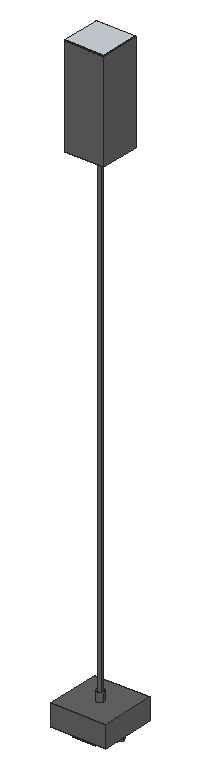
Revit family "LTC-4SQD-CM", category Lighting Fixtures, host Face, Revit 2021
Family settings
  Host = Face
  Round Connector Dimension = Use Diameter
  Part Type = Normal
  OmniClass Number = 23.80.70.11.14.11
  OmniClass Title = Downlights
  Cut with Voids When Loaded = No
  Light Source = Yes
  Shared = No
  Room Calculation Point = No
Parameters (values of type "LTC-4SQD-CMPC")
  Wattage Comments = "8-25W"
  Wattage = 100 W
  Warranty = "5 years warranty"  # constant formula
  built-in parameter 1150110 = 1 (stored number, unit not read)
  Voltage = 120 V
  built-in parameter 1114217 = 1 (stored number, unit not read)
  Tilt Angle = -90.00°  # constant formula
  built-in parameter 1150109 = 1 (stored number, unit not read)
  built-in parameter 1150134 = 3
  built-in parameter 1150113 = 1 (stored number, unit not read)
  Recessed = yes
  RMD = no
  Photometric Web File = "LTC-4SQDPH-P-20L35K8MD-PM-S-BL.ies"
  Features = "•\t4inch architectural LED square downlight and wall wash cylinder delivering 600 - 4000 lm\r\n•\t4 beam distributions from 0.6 to 1.2 Spacing Criteria\r\n•\tQuiet reflector appearance with 50º optical cutoff\r\n•\t2700K - 5000K, 80+ and 90+ CRI options\r\n•\tAvailable in Surface, Wall, Pendant, or Cord Mount configurations\r\n•\tPowerHUBB™ enables low-voltage wired connectivity for Power over Ethernet (PoE) network system deployment\r\n•\t2 SDCM color consistency\r\n•\tLong life L90 at 55,000 hrs (TM-21)\r\n•\tFive year warranty\r\n\r\n"  # constant formula
  Emit from Rectangle Width = 5.500"  # constant formula
  Emit from Rectangle Length = 5.500"  # constant formula
  Cord Height = 72.000"
  built-in parameter 1150105 = -5684000 (stored number, unit not read)
  Lumens = 2000 lm
  built-in parameter 1150115 = 1 (stored number, unit not read)
  built-in parameter 1150137 = (empty or 0)
  built-in parameter 1150139 = (empty or 0)
  built-in parameter 1150112 = 1 (stored number, unit not read)
  built-in parameter 1150114 = 1 (stored number, unit not read)
  built-in parameter 1150132 = 2
  built-in parameter 1150102 = (empty or 0)
  built-in parameter 1150107 = 3200 (stored number, unit not read)
  built-in parameter 1150138 = (empty or 0)
  built-in parameter 1150106 = -56840 (stored number, unit not read)
  Emit Shape Visible in Rendering = no
  built-in parameter 1150104 = 1.8581 (stored number, unit not read)
  Dimming Lamp Color Temperature Shift = <None>
  Copyright = "Prescolite"  # constant formula
  Contact us = ""
  Color Filter = 16777215
  Certifications = "• cCSAus certified to UL 1598\r\n• Wall Mount: Suitable for wet locations\r\n• Surface & Pendant Mount: Suitable for wet\r\nlocations under covered ceiling\r\n• Cord Mount and all Wall Wash: Suitable for\r\ndamp locations"  # constant formula
  Canopy Width = 7.750"
  Canopy Height = 3.000"
  built-in parameter 1114218 = 1 (stored number, unit not read)
  Ballast = Paint - Carbon Black
  URL = "https://www.currentlighting.com/prescolite"
  Product Page URL = ""
  Product Documentation Link = ""
  Model = "LTC-4SQD"  # constant formula
  Manufacturer = "Prescolite"  # constant formula
  Lamp = "LED Lamp"
  Reflector = Glass - Glass
  Description = "LITEISTRY™ 4inch Square Cylinder"  # constant formula
  Default Elevation = 48.000"
  built-in parameter 1150133 = 10 (stored number, unit not read)
  Apparent Load = 25 VA  # constant formula
Types (6): name | Recessed | RMD | Canopy Width | Canopy Height
  (no name) | yes | no | 7.750" | 3.000"
  LTC-4SQD-CMRMD | no | yes | 7.000" | 0.260"
  LTC-4SQD-CM | yes | no | 5.580" | 0.350"
  LTC-4SQD-CMCC | no | no | 5.740" | 3.000"
  LTC-4SQD-CMPC | yes | no | 7.750" | 3.000"
  LTC-4SQD-CMPCC | no | no | 7.830" | 4.500"
Reference planes (in)
  plane 1 "Center (Front/Back)": y = 0
  plane 2: z = 0
  plane 3 "Center (Left/Right)": x = 0
  plane 4: z = 72
  plane 5: z = 71.75
  plane 6: x = -1
  plane 7: y = 1
  plane 8: x = 1
  plane 9: y = -1
  plane 10: z = 3
  plane 11: x = 3
  plane 12: x = -3
  plane 13: x = -2.75391
  plane 14: x = 2.75391
  plane 15: x = -3.875
  plane 16: x = 3.875
  plane 17: y = -3.875
  plane 18: y = 3.875
Forms (in)
  Revolve 1, solid, material "Paint - Carbon Black" <- "Ballast"
    sketch origin (0, 0, -5.91673) x (1, 0, 0) y (0, 0, 1)
      loop
        line (-0.5, 5.91673) -> (0, 5.91673) -> (0, 77.91673) -> (-0.38833, 77.91673) -> (-0.38833, 77.66673) -> (-0.25, 77.66673) -> (-0.25, 10.11595) -> (-0.5, 10.11595) -> (-0.5, 5.91673)
      axis (0, 77.91673) -> (0, 5.91673)
    angle from 0 to 360
  Extrusion 2, solid, material "Paint - Carbon Black" <- "Ballast"
    sketch origin (0, 0, 0) x (1, 0, 0) y (0, 1, 0)
      loop
        line (-3.875, 3.875) -> (-3.875, -3.875) -> (3.875, -3.875) -> (3.875, 3.875) -> (-3.875, 3.875)
    from 0 to 3
  Revolve 3, solid, material "Paint - Carbon Black" <- "Ballast", visible <- "RMD"
    sketch origin (0, 0, 0) x (1, 0, 0) y (0, 0, 1)
      loop
        line (0, -6) -> (0, 0.00055) -> (-2.5, 0.00055) -> (-2.5, -0.93712)
        arc (-2.5, -0.93712) -> (-2.48175, -0.98119) -> (-2.43767, -0.99945) r 0.06233
        line (-2.43767, -0.99945) -> (-2.30081, -0.99945)
        arc (-2.30081, -0.99945) -> (-2.26488, -1.01433) -> (-2.25, -1.05026) r 0.05081
        line (-2.25, -1.05026) -> (-2.25, -4.55877)
        arc (-2.25, -4.55877) -> (-2.2306, -4.6056) -> (-2.18377, -4.625) r 0.06623
        line (-2.18377, -4.625) -> (-2.03463, -4.625)
        arc (-2.03463, -4.625) -> (-2.01014, -4.63514) -> (-2, -4.65963) r 0.03463
        line (-2, -4.65963) -> (-2, -5.88059)
        arc (-2, -5.88059) -> (-1.96503, -5.96503) -> (-1.88059, -6) r 0.11941
        line (-1.88059, -6) -> (0, -6)
      axis (0, 0.00055) -> (0, -6)
    angle from 0 to 360
  Extrusion 4, solid, material "Paint - Carbon Black" <- "Ballast", visible <- "Recessed"
    sketch origin (7.83986, -180, 7.93836) x (-1, 0, 0) y (0, -1, 0)
      loop
        line (9.45013, -182.78906) -> (11.0604, -180) -> (9.45013, -177.21094) -> (6.2296, -177.21094) -> (4.61933, -180) -> (6.2296, -182.78906) -> (9.45013, -182.78906)
    from -8.88553 to -7.93836
Cuts and joins
  joined: Revolve 1, Extrusion 2
Dimensions and locks (in)
  "Cord Height": plane 4 to host face
  locked: plane 4 to plane 5 at 0.25
  plane 6 to plane 3 "Center (Left/Right)" to plane 8 = 1.000" locked, 1.000" locked
  plane 7 to plane 1 "Center (Front/Back)" to plane 9 = 1.000" locked, 1.000" locked
  "Canopy Height": plane 10 to level
  host face to Revolve 3 sketch curve = 6.000"
  nested 1 to plane 4 = 14.000"
  "Canopy Width": plane 16 to plane 15
  equal spacing: plane 16, plane 3 "Center (Left/Right)", plane 15
  equal spacing: plane 18, plane 1 "Center (Front/Back)", plane 17
  "Canopy Width": plane 18 to plane 17
  locked: imposter light to plane 4 at 14
  aligned and locked: plane 2 to host face
  aligned and locked: Revolve 1 sketch curve to plane 4
  aligned and locked: Revolve 1 sketch curve to host face
  aligned and locked: plane 5 to Revolve 1 sketch curve
  aligned and locked: plane 3 "Center (Left/Right)" to nested 1
  aligned and locked: nested 1 to plane 1 "Center (Front/Back)"
  aligned and locked: Extrusion 2 to level
  aligned and locked: plane 10 to Extrusion 2
  aligned and locked: plane 3 "Center (Left/Right)" to imposter light
  aligned and locked: plane 16 to cut or joined group of Revolve 1, Extrusion 2
  aligned and locked: cut or joined group of Revolve 1, Extrusion 2 to plane 15
  aligned and locked: cut or joined group of Revolve 1, Extrusion 2 to plane 18
  aligned and locked: plane 17 to cut or joined group of Revolve 1, Extrusion 2
Automatic sketch dimensions
  host sketch curve to host sketch curve = 96.000"  (x2)
  Revolve 3 sketch curve to plane 3 "Center (Left/Right)" = 0.000"  (x2)
  plane 13 to Revolve 3 sketch curve = 0.87332"
  Revolve 3 sketch curve to Revolve 3 sketch curve = 0.11941"
  Revolve 3 sketch curve to Revolve 3 sketch curve = 0.03463"
  Revolve 3 sketch curve to Revolve 3 sketch curve = 0.14914"
  Revolve 3 sketch curve to Revolve 3 sketch curve = 0.06623"
  Revolve 3 sketch curve to Revolve 3 sketch curve = 0.05081"
  Revolve 3 sketch curve to Revolve 3 sketch curve = 0.13687"
  level to Revolve 3 sketch curve = 0.00055"
  plane 13 to Revolve 3 sketch curve = 0.25391"
  Revolve 3 sketch curve to Revolve 3 sketch curve = 1.22096"
  Revolve 3 sketch curve to level = 1.05026"
  Revolve 3 sketch curve to Revolve 3 sketch curve = 17.63999"
  plane 4 to Revolve 3 sketch curve = 31.07883"
  Revolve 1 sketch curve to plane 3 "Center (Left/Right)" = 0.000"  (x2)
  Revolve 1 sketch curve to plane 3 "Center (Left/Right)" = 0.250"
  Revolve 1 sketch curve to Revolve 1 sketch curve = 0.13833"
  Revolve 1 sketch curve to Revolve 1 sketch curve = 0.500"
  plane 10 to Revolve 1 sketch curve = 1.19922"
  Revolve 1 sketch curve to Revolve 1 sketch curve = 7.74272"
  Revolve 1 sketch curve to level = 13.75728"
  Extrusion 2 sketch curve to plane 6 = 2.875"
  plane 8 to Extrusion 2 sketch curve = 2.875"
  Extrusion 2 sketch curve to plane 9 = 2.875"
  plane 7 to Extrusion 2 sketch curve = 2.875"
  plane 1 "Center (Front/Back)" to Extrusion 4 sketch curve = 0.000"  (x2)
  plane 8 to Extrusion 4 sketch curve = 2.22053"
  plane 8 to Extrusion 4 sketch curve = 0.61027"  (x2)
  Extrusion 4 sketch curve to plane 6 = 0.61027"  (x2)
  Extrusion 4 sketch curve to plane 6 = 2.22053"
  plane 7 to Extrusion 4 sketch curve = 1.78906"
  Extrusion 4 sketch curve to plane 9 = 1.78906"
Nested families (in)
  nested 1: "LTC" at (0, 0, 72) x (0, 1, 0) z (0, 0, 1), Ballast <- "Ballast", Reflector <- "Reflector", type "6"
    with Reflector Glass - Glass, Ballast Paint - Carbon Black
Connectors (in)
  electrical at (0, 0, 0), driven by "Description", driven by "Voltage", driven by "Apparent Load"
    settings: index 1, voltage 120 V, apparent load 25 VA, apparent load phase1 0 VA, apparent load phase2 0 VA, apparent load phase3 0 VA, power factor 1, load classification "Other", number of poles 1, system type 30, power factor state 1, is connector primary yes, connector utility no, sub classification motor no, connector description "LITEISTRY™ 4inch Square Cylinder"
Definition of nested family "LTC"
  Parameters
    Width = 5.57813"
    Wattage Comments = ""
    Lamp = ""
    Height = 14.000"
    Ballast [instance] = none
    URL = ""
    Product Page URL = ""
    Product Documentation Link = ""
    Model = ""
    Manufacturer Phone = ""
    Manufacturer Fax = ""
    Manufacturer = "Prescolite"
    Reflector [instance] = none
    Description = ""
    Default Elevation = 48.000"
  Reference planes (in)
    plane 1 "Center (Front/Back)": y = 0
    plane 2: z = 0
    plane 3 "Center (Left/Right)": x = 0
    plane 4: y = 2.78906
    plane 5: y = -2.78906
    plane 6: z = 14
    plane 7: z = 0.125
    plane 8: x = 2.78906
    plane 9: z = 13.875
    plane 10: x = -2.78906
  Forms (in)
    Extrusion 1, solid
      sketch origin (0, 0, 0) x (1, 0, 0) y (0, 1, 0)
        loop
          line (-48, 48) -> (-48, -48) -> (48, -48) -> (48, 48) -> (-48, 48)
      from 0 to -6
    Extrusion 2, solid, material <- "Reflector"
      sketch origin (0, 0, 30.25) x (1, 0, 0) y (0, 1, 0)
        loop
          line (-2.78906, 2.78906) -> (-2.78906, -2.78906) -> (2.78906, -2.78906) -> (2.78906, 2.78906) -> (-2.78906, 2.78906)
      from -16.25 to -16.375
    Extrusion 3, solid, material <- "Ballast"
      sketch origin (0, 0, 0) x (1, 0, 0) y (0, 1, 0)
        loop
          line (-2.78906, 2.78906) -> (-2.78906, -2.78906) -> (2.78906, -2.78906) -> (2.78906, 2.78906) -> (-2.78906, 2.78906)
      from 0 to 13.875
  Dimensions and locks (in)
    equal spacing: plane 4, plane 1 "Center (Front/Back)", plane 5
    "Width": plane 5 to plane 4
    equal spacing: plane 10, plane 3 "Center (Left/Right)", plane 8
    "Width": plane 10 to plane 8
    "Height": plane 6 to Extrusion 1
    locked: plane 6 to plane 9 at 0.125
    aligned and locked: plane 2 to Extrusion 1
    aligned and locked: Extrusion 2 to plane 9
    aligned and locked: plane 9 to Extrusion 3
    aligned and locked: plane 6 to Extrusion 2
  Automatic sketch dimensions
    Extrusion 1 sketch curve to Extrusion 1 sketch curve = 96.000"  (x2)
    Extrusion 3 sketch curve to plane 5 = 0.000"
    Extrusion 3 sketch curve to plane 10 = 0.000"
    Extrusion 3 sketch curve to plane 8 = 0.000"
    plane 4 to Extrusion 3 sketch curve = 0.000"
    Extrusion 2 sketch curve to plane 5 = 0.000"
    Extrusion 2 sketch curve to plane 10 = 0.000"
    Extrusion 2 sketch curve to plane 8 = 0.000"
    plane 4 to Extrusion 2 sketch curve = 0.000"
